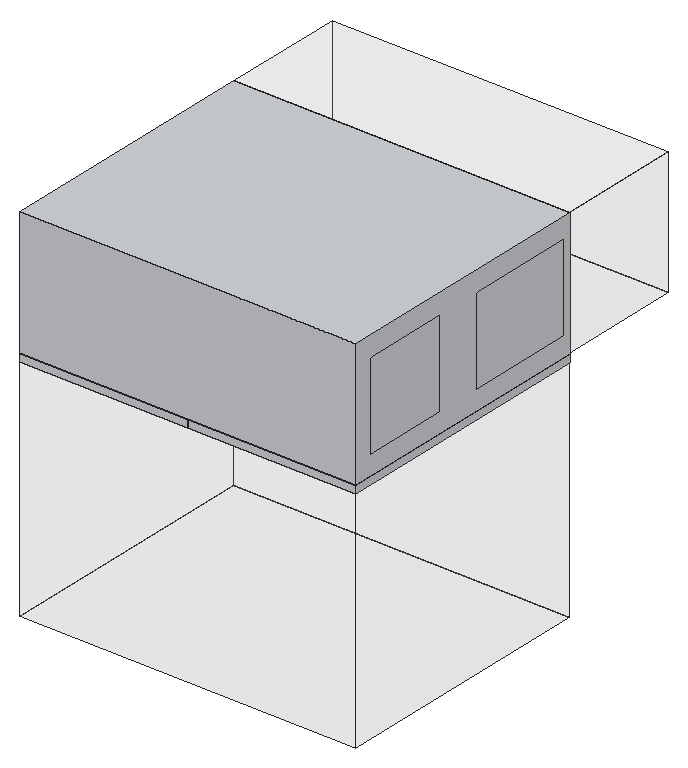
Revit family "AHU 3 _6", category Mechanické zařízení, Revit 2018
Family settings
  Kóta kulaté spojky = Použít průměr
  Typ dílu = Normální
  Číslo OmniClass = 23.75.00.00
  Nadpis OmniClass = Climate Control (HVAC)
  Založené na pracovní rovině = Ne
  Vždy vertikální = Ano
  Ořezat dutým tvarem při načtení = Ne
  Sdílené = Ne
  Bod výpočtu místnosti = Ne
Parameters (values of type "DUPLEXVENT Flexi (3G) DV3500 (RD5)")
  Width [instance] = 1.55 mm
  Weight [instance] = 343.00 kg
  URL = ""
  Type [instance] = "DUPLEXVENT Flexi (3G) DV3500 (RD5)"
  Total_SFP [instance] = 0
  Supply_outlet_hum [instance] = 24.8
  Supply_inlet_hum [instance] = 90
  Supply_ext_pressure [instance] = 200.0 Pa
  Supply_SFP [instance] = 0
  Source_adu_file [instance] = "C:\\\\Users\\\\dgavril\\\\OneDrive - Airflow Developments Ltd\\\\Desktop\\\\adu durley chine V4.adu"
  Recuperation_type [instance] = "Plate heat recovery exchanger"
  Recuperation_efficiency_EN308 [instance] = 82.6
  Project_name [instance] = "Durley Chine Passivhaus"
  Project_date [instance] = "13-08-2021"
  Power_supply_fusing [instance] = "0"
  Power_supply_cable [instance] = "0"
  Position [instance] = "AHU 3 "
  Phases_count [instance] = 3
  Panel_thickness [instance] = 0.06 mm
  Outer_surface [instance] = "RAL 9002"
  Length [instance] = 1.95 mm
  Insulation_type [instance] = "PUR"
  Insulation_thickness [instance] = 0.05 mm
  Installation_environment [instance] = ""
  Input_power_max [instance] = 5000 W
  Inner_surface [instance] = "Pozink"
  I2 [instance] = I1  # 0.0 L/s
  Height [instance] = 0.78 mm
  Exhaust_outlet_hum [instance] = 96.4
  Exhaust_inlet_hum [instance] = 40
  Exhaust_ext_pressure [instance] = 200.0 Pa
  Exhaust_SFP [instance] = 0
  E1 [instance] = E2 - M1  # 0.0 L/s
  E2 [instance] = 0.0 L/s
  I1 [instance] = 0.0 L/s
  Description = ""
  M1 [instance] = 0.0 L/s
  Device_dutypoint_version [instance] = "29"
  Device_design_version [instance] = "96"
  Device_adu_id [instance] = "6"
  Current_max [instance] = 7.6 A
  Casing_mat [instance] = "painted zinc layer"
  Cable type [instance] = "CYKY 5Jx2,5"
Reference planes
  plane 1 "Střed (vpředu/vzadu)": y = 0
  plane 2 "ref": z = 0
  plane 3 "Střed (vlevo/vpravo)": x = 0
Forms (mm)
  Sweep 1, solid
    path origin (0, 0, -735) x (0, 0, 1) y (1, 0, 0)
      loop
        line (0, 0) -> (735, 0)
    profile origin (0, 0, -735) x (1, 0, 0) y (0, 1, 0)
      loop
        line (0, 0) -> (1950, 0) -> (1950, 1550) -> (0, 1550) -> (0, 0)
  Sweep 2, solid
    path origin (1949, 355, -370) x (1, 0, 0) y (0, 1, 0)
      loop
        line (0, 0) -> (1, 0)
    profile origin (1949, 355, -370) x (0, 1, 0) y (0, 0, 1)
      loop
        line (250, 250) -> (-250, 250) -> (-250, -250) -> (250, -250) -> (250, 250)
  Sweep 3, solid
    path origin (1, 1190, -370) x (0, 1, 0) y (-1, 0, 0)
      loop
        line (0, 0) -> (0, 1)
    profile origin (1, 1190, -370) x (0, -1, 0) y (0, 0, 1)
      loop
        line (-315, 250) -> (-315, -250) -> (315, -250) -> (315, 250) -> (-315, 250)
  Sweep 4, solid
    path origin (1, 355, -370) x (0, 1, 0) y (-1, 0, 0)
      loop
        line (0, 0) -> (0, 1)
    profile origin (1, 355, -370) x (0, -1, 0) y (0, 0, 1)
      loop
        line (-250, 250) -> (-250, -250) -> (250, -250) -> (250, 250) -> (-250, 250)
  Sweep 5, solid
    path origin (1949, 1190, -370) x (1, 0, 0) y (0, 1, 0)
      loop
        line (0, 0) -> (1, 0)
    profile origin (1949, 1190, -370) x (0, 1, 0) y (0, 0, 1)
      loop
        line (315, 250) -> (-315, 250) -> (-315, -250) -> (315, -250) -> (315, 250)
  Sweep 6, solid
    path origin (1885, 1550, -755) x (0, 1, 0) y (-1, 0, 0)
      loop
        line (0, 0) -> (30, 0)
    profile origin (1885, 1550, -755) x (-1, 0, 0) y (0, 0, 1)
      loop
        circle (0, 0) r 16
  Sweep 7, solid, material "Servisní prostor"
    path origin (0, 0, -2105) x (0, 0, 1) y (1, 0, 0)
      loop
        line (0, 0) -> (1325, 0)
    profile origin (0, 0, -2105) x (1, 0, 0) y (0, 1, 0)
      loop
        line (0, 0) -> (1950, 0) -> (1950, 1550) -> (0, 1550) -> (0, 0)
  Sweep 8, solid, material "Servisní prostor"
    path origin (0, 0, -735) x (0, 0, 1) y (1, 0, 0)
      loop
        line (0, 0) -> (735, 0)
    profile origin (0, 0, -735) x (1, 0, 0) y (0, 1, 0)
      loop
        line (0, 2270) -> (0, 1550) -> (1950, 1550) -> (1950, 2270) -> (0, 2270)
  Sweep 9, solid
    path origin (0, 0, -780) x (0, 0, 1) y (1, 0, 0)
      loop
        line (0, 0) -> (40, 0)
    profile origin (0, 0, -780) x (1, 0, 0) y (0, 1, 0)
      loop
        line (0, 1550) -> (0, 0) -> (975, 0) -> (975, 1550) -> (0, 1550)
  Sweep 10, solid
    path origin (0, 0, -780) x (0, 0, 1) y (1, 0, 0)
      loop
        line (0, 0) -> (40, 0)
    profile origin (0, 0, -780) x (1, 0, 0) y (0, 1, 0)
      loop
        line (975, 1550) -> (975, 0) -> (1950, 0) -> (1950, 1550) -> (975, 1550)
  Sweep 11, solid
    path origin (0, 0, -690) x (0, 0, 1) y (1, 0, 0)
      loop
        line (0, 0) -> (190, 0)
    profile origin (0, 0, -690) x (1, 0, 0) y (0, 1, 0)
      loop
        line (650, 1550) -> (1305, 1550) -> (1305, 1675) -> (650, 1675) -> (650, 1550)
  Sweep 12, solid
    path origin (650, 1613, -595) x (0, 0, -1) y (1, 0, 0)
      loop
        line (0, 0) -> (0, -1)
    profile origin (650, 1613, -595) x (0, 0, -1) y (0, -1, 0)
      loop
        circle (0, 0) r 10
Lines and regions (mm)
  model lines, style "Symbol"
    curve 1: line (950, 0, 0) -> (950, 310, 0)
    curve 2: line (950, 1550, 0) -> (950, 1240, 0)
    curve 3: line (0, 775, 0) -> (485, 775, 0)
    curve 4: line (1950, 775, 0) -> (1415, 775, 0)
    curve 5: line (485, 775, 0) -> (718, 1240, 0)
    curve 6: line (718, 1240, 0) -> (1183, 1240, 0)
    curve 7: line (1183, 1240, 0) -> (1415, 775, 0)
    curve 8: line (1415, 775, 0) -> (1183, 310, 0)
    curve 9: line (1183, 310, 0) -> (950, 310, 0)
    curve 10: line (950, 310, 0) -> (718, 310, 0)
    curve 11: line (718, 310, 0) -> (485, 775, 0)
    curve 12: line (341, 1052, 0) -> (93, 1094, 0)
    curve 13: line (341, 1273, 0) -> (93, 1231, 0)
    curve 14: line (1609, 1273, 0) -> (1857, 1231, 0)
    curve 15: line (1609, 1052, 0) -> (1857, 1094, 0)
    curve 16: line (1774, 620, 0) -> (1774, 155, 0)
    curve 17: line (1774, 155, 0) -> (1657, 155, 0)
    curve 18: line (1657, 155, 0) -> (1657, 620, 0)
    curve 19: line (1657, 620, 0) -> (1774, 620, 0)
    curve 20: line (1716, 620, 0) -> (1657, 388, 0)
    curve 21: line (1716, 155, 0) -> (1657, 388, 0)
    curve 22: line (175, 155, 0) -> (175, 620, 0)
    curve 23: line (175, 620, 0) -> (292, 620, 0)
    curve 24: line (292, 620, 0) -> (292, 155, 0)
    curve 25: line (292, 155, 0) -> (175, 155, 0)
    curve 26: line (234, 155, 0) -> (292, 388, 0)
    curve 27: line (234, 620, 0) -> (292, 388, 0)
    curve 28: line (1197, 306, 0) -> (1409, 721, 0)
    curve 29: line (1409, 721, 0) -> (1478, 686, 0)
    curve 30: line (1478, 686, 0) -> (1266, 271, 0)
    curve 31: line (1266, 271, 0) -> (1197, 306, 0)
    curve 32: line (1338, 565, 0) -> (1421, 592, 0)
    curve 33: line (1254, 400, 0) -> (1337, 427, 0)
    curve 34: line (0, 1550, -780) -> (975, 1550, -780)
    curve 35: line (0, 0, -780) -> (975, 0, -780)
    curve 36: line (0, 1550, -780) -> (0, 0, -780)
    curve 37: line (975, 1550, -780) -> (975, 0, -780)
    curve 38: line (0, 1550, -780) -> (0, 1550, -740)
    curve 39: line (975, 1550, -780) -> (975, 1550, -740)
    curve 40: line (0, 0, -780) -> (0, 0, -740)
    curve 41: line (975, 0, -780) -> (975, 0, -740)
    curve 42: line (975, 1550, -780) -> (1950, 1550, -780)
    curve 43: line (975, 0, -780) -> (1950, 0, -780)
    curve 44: line (975, 1550, -780) -> (975, 0, -780)
    curve 45: line (1950, 1550, -780) -> (1950, 0, -780)
    curve 46: line (975, 1550, -780) -> (975, 1550, -740)
    curve 47: line (1950, 1550, -780) -> (1950, 1550, -740)
    curve 48: line (975, 0, -780) -> (975, 0, -740)
    curve 49: line (1950, 0, -780) -> (1950, 0, -740)
    curve 50: line (3, 1550, 0) -> (3, 1605, 0)
    curve 51: line (3, 1605, 0) -> (52, 1605, 0)
    curve 52: line (52, 1605, 0) -> (52, 1550, 0)
    curve 53: line (52, 1550, 0) -> (3, 1550, 0)
    curve 54: line (52, 1550, -150) -> (52, 1550, 0)
    curve 55: line (52, 1550, 0) -> (52, 1605, 0)
    curve 56: line (52, 1605, 0) -> (52, 1605, -150)
    curve 57: line (52, 1605, -150) -> (52, 1550, -150)
    curve 58: line (40, 1550, -150) -> (3, 1550, 0)
    curve 59: line (3, 1550, 0) -> (52, 1550, 0)
    curve 60: line (52, 1550, 0) -> (52, 1550, -150)
    curve 61: line (52, 1550, -150) -> (40, 1550, -150)
    curve 62: line (40, 1605, -150) -> (3, 1605, 0)
    curve 63: line (3, 1605, 0) -> (52, 1605, 0)
    curve 64: line (52, 1605, 0) -> (52, 1605, -150)
    curve 65: line (52, 1605, -150) -> (40, 1605, -150)
    curve 66: line (3, -55, 0) -> (3, 0, 0)
    curve 67: line (3, 0, 0) -> (52, 0, 0)
    curve 68: line (52, 0, 0) -> (52, -55, 0)
    curve 69: line (52, -55, 0) -> (3, -55, 0)
    curve 70: line (52, -55, -150) -> (52, -55, 0)
    curve 71: line (52, -55, 0) -> (52, 0, 0)
    curve 72: line (52, 0, 0) -> (52, 0, -150)
    curve 73: line (52, 0, -150) -> (52, -55, -150)
    curve 74: line (40, -55, -150) -> (3, -55, 0)
    curve 75: line (3, -55, 0) -> (52, -55, 0)
    curve 76: line (52, -55, 0) -> (52, -55, -150)
    curve 77: line (52, -55, -150) -> (40, -55, -150)
    curve 78: line (40, 0, -150) -> (3, 0, 0)
    curve 79: line (3, 0, 0) -> (52, 0, 0)
    curve 80: line (52, 0, 0) -> (52, 0, -150)
    curve 81: line (52, 0, -150) -> (40, 0, -150)
    curve 82: line (1948, 0, 0) -> (1948, -55, 0)
    curve 83: line (1948, -55, 0) -> (1897, -55, 0)
    curve 84: line (1897, -55, 0) -> (1897, 0, 0)
    curve 85: line (1897, 0, 0) -> (1948, 0, 0)
    curve 86: line (1897, 0, -150) -> (1897, 0, 0)
    curve 87: line (1897, 0, 0) -> (1897, -55, 0)
    curve 88: line (1897, -55, 0) -> (1897, -55, -150)
    curve 89: line (1897, -55, -150) -> (1897, 0, -150)
    curve 90: line (1910, 0, -150) -> (1948, 0, 0)
    curve 91: line (1948, 0, 0) -> (1897, 0, 0)
    curve 92: line (1897, 0, 0) -> (1897, 0, -150)
    curve 93: line (1897, 0, -150) -> (1910, 0, -150)
    curve 94: line (1910, -55, -150) -> (1948, -55, 0)
    curve 95: line (1948, -55, 0) -> (1897, -55, 0)
    curve 96: line (1897, -55, 0) -> (1897, -55, -150)
    curve 97: line (1897, -55, -150) -> (1910, -55, -150)
    curve 98: line (1948, 1605, 0) -> (1948, 1550, 0)
    curve 99: line (1948, 1550, 0) -> (1897, 1550, 0)
    curve 100: line (1897, 1550, 0) -> (1897, 1605, 0)
    curve 101: line (1897, 1605, 0) -> (1948, 1605, 0)
    curve 102: line (1897, 1605, -150) -> (1897, 1605, 0)
    curve 103: line (1897, 1605, 0) -> (1897, 1550, 0)
    curve 104: line (1897, 1550, 0) -> (1897, 1550, -150)
    curve 105: line (1897, 1550, -150) -> (1897, 1605, -150)
    curve 106: line (1910, 1605, -150) -> (1948, 1605, 0)
    curve 107: line (1948, 1605, 0) -> (1897, 1605, 0)
    curve 108: line (1897, 1605, 0) -> (1897, 1605, -150)
    curve 109: line (1897, 1605, -150) -> (1910, 1605, -150)
    curve 110: line (1910, 1550, -150) -> (1948, 1550, 0)
    curve 111: line (1948, 1550, 0) -> (1897, 1550, 0)
    curve 112: line (1897, 1550, 0) -> (1897, 1550, -150)
    curve 113: line (1897, 1550, -150) -> (1910, 1550, -150)
    curve 114: circle (233, 1163, 0) r 155 normal (0, 0, 1)
    curve 115: circle (1718, 1163, 0) r 155 normal (0, 0, 1)
    curve 116: circle (1380, 579, 0) r 12 normal (0, 0, 1)
    curve 117: circle (1295, 413, 0) r 12 normal (0, 0, 1)
    curve 118: circle (28, 1577, 0) r 5 normal (0, 0, 1)
    curve 119: circle (28, -28, 0) r 5 normal (0, 0, 1)
    curve 120: circle (1923, -28, 0) r 5 normal (0, 0, 1)
    curve 121: circle (1923, 1577, 0) r 5 normal (0, 0, 1)
Dimensions and locks
  aligned and locked: level to plane 2 "ref"
Connectors
  hvac at (1950, 355, -370), driven by "E1"
    settings: on Sweep 2, index 1, duct flow 0.0 L/s, flow factor 0, pres drop 0.0 Pa, loss coef 0, conn angle 0.00°, conn width 500 mm, conn height 500 mm, conn diameter 609.6 mm, duct sys type 1, conn prof type 1, flow config 1, flow direction 1, loss method 0, conn ref index -1, conn util no, is conn primary yes, conn desc ""
  hvac at (0, 1190, -370), driven by "E2"
    settings: on Sweep 3, index 2, duct flow 0.0 L/s, flow factor 1, pres drop 0.0 Pa, loss coef 0, conn angle 0.00°, conn width 630 mm, conn height 500 mm, conn diameter 609.6 mm, duct sys type 1, conn prof type 1, flow config 2, flow direction 2, loss method 0, conn ref index -1, conn util no, is conn primary no, conn desc ""
  hvac at (0, 355, -370), driven by "I1"
    settings: on Sweep 4, index 3, duct flow 0.0 L/s, flow factor 1, pres drop 0.0 Pa, loss coef 0, conn angle 0.00°, conn width 500 mm, conn height 500 mm, conn diameter 609.6 mm, duct sys type 3, conn prof type 1, flow config 2, flow direction 1, loss method 0, conn ref index -1, conn util no, is conn primary no, conn desc ""
  hvac at (1950, 1190, -370), driven by "I2"
    settings: on Sweep 5, index 4, duct flow 0.0 L/s, flow factor 0, pres drop 0.0 Pa, loss coef 0, conn angle 0.00°, conn width 630 mm, conn height 500 mm, conn diameter 609.6 mm, duct sys type 3, conn prof type 1, flow config 1, flow direction 2, loss method 0, conn ref index -1, conn util no, is conn primary no, conn desc ""
  piping at (1885, 1580, -755), diameter 22
    settings: on Sweep 6, index 5, connector inside diameter 609.6 mm, connector length 0 mm, flow factor 0, pipe flow 0.0 L/s, pressure drop 0.0 Pa, fitting loss kfactor 0, connector angle 0.00°, fixture units 0, engagement length 0 mm, angle of deflection 0.00°, flow configuration 1, flow direction 2, fitting loss method 0, system type 16, joint type 0, gender type 0, connector reference index -1, connector utility 0, adjustable connector no, is connector primary yes, connector description ""
  electrical at (649, 1613, -595)
    settings: on Sweep 12, index 6, voltage 400 V, apparent load 0 VA, apparent load phase1 0 VA, apparent load phase2 0 VA, apparent load phase3 0 VA, power factor 1, load classification "Další", number of poles 3, system type 31, power factor state 1, is connector primary yes, connector utility no, sub classification motor no, connector description ""
